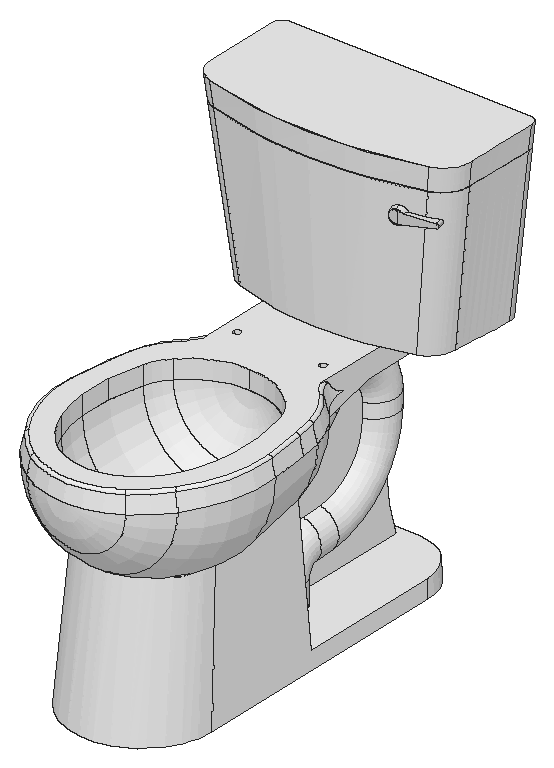
Revit family "Plumbing-Pressure-Assist-Water-Closet-Sloan-Valve-WETS-80298118z", category Plumbing Fixtures, host Face, Revit 2021
Family settings
  Host = Face
  Round Connector Dimension = Use Diameter
  Part Type = Normal
  OmniClass Number = 23.45.05.21.11.11
  OmniClass Title = Water Operated Water Closets
  Cut with Voids When Loaded = No
  Shared = No
  Room Calculation Point = No
Parameters (values of type "WETS-8029.8118-STG")
  Width = 18 1/4"  # constant formula
  Water Closet Code = "2178029"
  Valve Pressure Drop = 0.00 psi
  Tank Code = "2108118"
  Sanitary Drain Connector Description = "Sanitary Drain Connector d2 1/8\""
  Sanitary Drain Connection Diameter = 2 1/8"  # constant formula
  Real Distance to Wall [instance] = if(Distance to Wall < 3/4", 3/4", Distance to Wall)  # 3/4"
  Waste Connection = yes
  WFU = 10
  Vent Connection = yes
  URL = "www.sloanvalve.com"
  Product data url = "https://bimobject.com/sloan_valve/product/pressure-assist-water-closets_sloan_wets-80298118"
  Product Material = Sloan Valve - Vitreous China - SloanTec Glaze White
  Product Guid = ""
  Part Number = "WETS-8029.8118-STG"
  Model = "WETS-8029.8118-STG"
  Minimum Static Pressure = "20 PSI (138 kPa)"  # constant formula
  Maximum Static Pressure = "80 PSI (552 kPa)"  # constant formula
  Manufacturer = "Sloan Valve"  # constant formula
  Keynote = "15410"
  Height = 29 5/8"  # constant formula
  HWFU = 0
  HW Connection = yes
  Flush Rate = "0.75 gpf (2.84 Lpf)"
  Depth = 30 3/8"  # constant formula
  Cold Water Connector Description = "Cold Water Connector d1/2\""
  Cold Water Connection Diameter = 1/2"  # constant formula
  Edition number = 1
  Distance to Wall [instance] = 3/4"
  Description = "Floor-Mounted 0.75 gpf (2.84 Lpf) ADA 12\" Rough-in Pressure-Assisted/Tank Toilet with SloanTec® Glaze."
  Default Elevation = 0"
  CWFU = 10
  CW Connection = yes
  Assembly Code = "D2010"
  ADA Compliant [instance] = 1 = 1  # yes
Reference planes
  plane 1 "Center (Front/Back)": y = 0
  plane 2: z = 0
  plane 3 "Center (Left/Right)": x = 0
  plane 4: x = -201.612
  plane 5: x = 201.613
  plane 6: y = -762.786
  plane 7: y = -19.05
  plane 8: x = -201.612
  plane 9: x = 201.613
  plane 10: y = -762.786
  plane 11: y = -19.05
Forms (mm)
  Blend 1, solid, material "Sloan Valve - Vitreous China - SloanTec Glaze White" <- "Product Material"
    base sketch origin (0, 0, 38.1) x (1, 0, 0) y (0, 1, 0)
      loop
        arc (-34.925, -45.045) -> (-97.787, -71.084) -> (-123.825, -133.945) r 88.9
        line (-123.825, -133.945) -> (-123.825, -615.95)
        arc (-123.825, -615.95) -> (0, -739.775) -> (123.825, -615.95) r 123.825
        line (123.825, -615.95) -> (123.825, -133.945)
        arc (123.825, -133.945) -> (97.787, -71.084) -> (34.925, -45.045) r 88.9
        line (34.925, -45.045) -> (-34.925, -45.045)
    top sketch origin (0, 0, 38.1) x (1, 0, 0) y (0, 1, 0)
      loop
        arc (-109.537, -584.301) -> (0, -693.838) -> (109.537, -584.301) r 109.537
        line (109.537, -584.301) -> (109.537, -133.945)
        arc (109.537, -133.945) -> (83.499, -71.084) -> (20.637, -45.045) r 88.9
        line (20.637, -45.045) -> (-20.637, -45.045)
        arc (-20.637, -45.045) -> (-83.499, -71.084) -> (-109.537, -133.945) r 88.9
        line (-109.537, -133.945) -> (-109.537, -584.301)
    from -38.1 to 312.058
  Extrusion 2, solid, material "Sloan Valve - Vitreous China - SloanTec Glaze White" <- "Product Material"
    sketch origin (0, 0, 12.7) x (0, 1, 0) y (0, 0, 1)
      loop
        line (-369.05, 348.14) -> (-241.882, 379.846) -> (-70.211, 379.846) -> (-64.931, 440.2) -> (-185.947, 440.2)
        arc (-185.947, 440.2) -> (-192.127, 425.28) -> (-207.047, 419.1) r 21.1
        line (-207.047, 419.1) -> (-369.05, 419.1) -> (-369.05, 348.14)
    from -104.047 to 104.047
  Sweep 3, solid, material "Sloan Valve - Vitreous China - SloanTec Glaze White" <- "Product Material"
    path origin (0, 0, 38.1) x (0, 1, 0) y (0, 0, 1)
      loop
        line (-304.8, -38.1) -> (-304.8, 30.289)
        arc (-304.8, 30.289) -> (-293.174, 59.429) -> (-264.682, 72.564) r 42.333
        line (-264.682, 72.564) -> (-226.487, 74.566)
        arc (-226.487, 74.566) -> (-134.627, 116.914) -> (-97.145, 210.864) r 136.485
        line (-97.145, 210.864) -> (-97.145, 236.948)
        arc (-97.145, 236.948) -> (-144.28, 307.387) -> (-227.373, 290.682) r 76.2
        arc (-227.373, 290.682) -> (-233.15, 284.615) -> (-238.657, 278.301) r 192.236
        arc (-238.657, 278.301) -> (-334.604, 206.706) -> (-452.54, 186.145) r 257.901
    profile origin (0, -304.8, 34.195) x (0, -1, 0) y (1, 0, 0)
      loop
        circle (0, 0) r 38.1
  Extrusion 4, solid, material "Sloan Valve - Vitreous China - SloanTec Glaze White" <- "Product Material"
    sketch origin (22.443, 0, 38.1) x (0, 1, 0) y (0, 0, 1)
      loop
        line (-68.2, 389.4) -> (-235.377, 389.4) -> (-261.569, 382.87) -> (-496.95, 175.082) -> (-480.799, -9.525) -> (-58.189, -9.525)
        arc (-58.189, -9.525) -> (-82.15, 106.794) -> (-68.088, 224.72) r 370.607
        arc (-68.088, 224.72) -> (-59.936, 265.377) -> (-58.507, 306.818) r 254
        arc (-58.507, 306.818) -> (-61.916, 348.278) -> (-68.2, 389.4) r 598.021
    from -28.793 to -16.093
  Extrusion 5, solid, not visible
    sketch origin (0, 0, 0) x (1, 0, 0) y (0, 0, 1)
      loop
        circle (-152.4, 254) r 6.35
    from 0 to 0.794
  Blend 6, solid, material "Sloan Valve - Vitreous China - SloanTec Glaze White" <- "Product Material"
    base sketch origin (0, 0.822, 430.81) x (1, 0, 0) y (0, 1, 0)
      loop
        line (-196.16, -48.519) -> (-186.739, -156.202)
        arc (-186.739, -156.202) -> (-176.518, -182.59) -> (-153.766, -199.416) r 50.8
        arc (-153.766, -199.416) -> (0, -226.96) -> (153.766, -199.416) r 442.975
        arc (153.766, -199.416) -> (176.518, -182.59) -> (186.739, -156.202) r 50.8
        line (186.739, -156.202) -> (196.16, -48.519)
        arc (196.16, -48.519) -> (191.227, -33.989) -> (177.182, -27.809) r 19.05
        line (177.182, -27.809) -> (-177.182, -27.809)
        arc (-177.182, -27.809) -> (-191.227, -33.989) -> (-196.16, -48.519) r 19.05
    top sketch origin (0, 0.822, 430.81) x (1, 0, 0) y (0, 1, 0)
      loop
        arc (-212.725, -19.872) -> (-226.195, -25.451) -> (-231.775, -38.922) r 19.05
        line (-231.775, -38.922) -> (-231.775, -172.47)
        arc (-231.775, -172.47) -> (-221.507, -203.094) -> (-194.854, -221.338) r 50.8
        arc (-194.854, -221.338) -> (0, -248.472) -> (194.854, -221.338) r 713.209
        arc (194.854, -221.338) -> (221.507, -203.094) -> (231.775, -172.47) r 50.8
        line (231.775, -172.47) -> (231.775, -38.922)
        arc (231.775, -38.922) -> (226.195, -25.451) -> (212.725, -19.872) r 19.05
        line (212.725, -19.872) -> (-212.725, -19.872)
    from -37.11 to 321.665
  Revolve 7, solid, material "Sloan Valve - Vitreous China - SloanTec Glaze White" <- "Product Material"
    sketch origin (0, -107.509, 398.463) x (1, 0, 0) y (0, 1, 0)
      loop
        line (0, -683.066) -> (0, -633.619)
        arc (0, -633.619) -> (-54.455, -620.155) -> (-96.361, -582.866) r 116.854
        arc (-96.361, -582.866) -> (-108.844, -562.27) -> (-118.928, -540.399) r 213.603
        arc (-118.928, -540.399) -> (-129.044, -507.813) -> (-134.203, -474.085) r 228.843
        arc (-134.203, -474.085) -> (-133.643, -413.542) -> (-122.68, -353.997) r 350.763
        arc (-122.68, -353.997) -> (-114.097, -332.991) -> (-100.788, -314.61) r 95.25
        arc (-100.788, -314.61) -> (-55.004, -282.028) -> (0, -270.524) r 137.251
        line (0, -270.524) -> (0, -209.239)
        arc (0, -209.239) -> (-18.194, -209.694) -> (-36.342, -211.057) r 364.157
        arc (-36.342, -211.057) -> (-122.715, -249.087) -> (-170.133, -330.684) r 152.4
        arc (-170.133, -330.684) -> (-180.229, -386.679) -> (-186.583, -443.221) r 855.912
        arc (-186.583, -443.221) -> (-178.018, -528.288) -> (-140.189, -604.962) r 240.102
        arc (-140.189, -604.962) -> (-116.352, -632.223) -> (-88.426, -655.277) r 223.457
        arc (-88.426, -655.277) -> (-46.345, -675.956) -> (0, -683.066) r 154.581
      axis (0, -209.239) -> (0, -683.066)
    angle from 0 to 180
  Extrusion 8, solid, material "Sloan Valve - Vitreous China - SloanTec Glaze White" <- "Product Material"
    sketch origin (0, -122.297, 36.415) x (1, 0, 0) y (0, 0, 1)
      loop
        arc (57.698, 221.011) -> (0.981, 212.195) -> (-56.307, 215.748) r 266.082
        line (-56.307, 215.748) -> (-39.243, 151.174)
        arc (-39.243, 151.174) -> (0, 120.954) -> (39.243, 151.174) r 40.59
        line (39.243, 151.174) -> (57.698, 221.011)
    from 346.299 to 429.496
  Blend 9, solid, material "Sloan Valve - Vitreous China - SloanTec Glaze White" <- "Product Material"
    base sketch origin (0, -108.545, 413.2) x (1, 0, 0) y (0, 0, 1)
      loop
        line (25.325, -14.42) -> (-25.325, -14.42) -> (-25.325, -20.654)
        arc (-25.325, -20.654) -> (0, -45.979) -> (25.325, -20.654) r 25.325
        line (25.325, -20.654) -> (25.325, -14.42)
    top sketch origin (0, -108.545, 413.2) x (1, 0, 0) y (0, 0, 1)
      loop
        line (46.038, -14.42) -> (-46.037, -14.42) -> (-46.037, -23.887)
        arc (-46.037, -23.887) -> (0, -69.925) -> (46.038, -23.887) r 46.037
        line (46.038, -23.887) -> (46.038, -14.42)
    from 129.035 to 108.105
  Blend 10, solid, material "Sloan Valve - Vitreous China - SloanTec Glaze White" <- "Product Material"
    base sketch origin (0, -108.545, 413.2) x (1, 0, 0) y (0, 0, 1)
      loop
        line (46.038, -14.42) -> (-46.037, -14.42) -> (-46.037, -23.887)
        arc (-46.037, -23.887) -> (0, -69.925) -> (46.038, -23.887) r 46.037
        line (46.038, -23.887) -> (46.038, -14.42)
    top sketch origin (0, -108.545, 413.2) x (1, 0, 0) y (0, 0, 1)
      loop
        line (46.038, -14.42) -> (-46.037, -14.42) -> (-46.037, -43.731)
        arc (-46.037, -43.731) -> (0, -89.769) -> (46.038, -43.731) r 46.038
        line (46.038, -43.731) -> (46.038, -14.42)
    from 108.105 to 38.1
  Sweep 11, solid, material "Sloan Valve - Vitreous China - SloanTec Glaze White" <- "Product Material"
    path origin (0, -122.297, 38.1) x (0, 1, 0) y (0, 0, 1)
      loop
        arc (-352.549, 201.173) -> (-327.484, 201.16) -> (-302.744, 205.182) r 155.194
        arc (-302.744, 205.182) -> (-278.132, 217.142) -> (-260.549, 238.11) r 65.532
        arc (-260.549, 238.11) -> (-246.125, 268.805) -> (-234.718, 300.744) r 352.298
        arc (-234.718, 300.744) -> (-234.446, 301.431) -> (-234.066, 302.064) r 4.499
        arc (-234.066, 302.064) -> (-210.936, 321.963) -> (-181.277, 329.121) r 65.024
        line (-181.277, 329.121) -> (-115.283, 329.121)
    profile origin (0, -270.577, 367.221) x (0, 0, 1) y (1, 0, 0)
      loop
        line (25.325, -25.325) -> (25.325, 25.325)
        arc (25.325, 25.325) -> (0, 0) -> (25.325, -25.325) r 25.325
  Sweep 12, solid, material "Sloan Valve - Vitreous China - SloanTec Glaze White" <- "Product Material"
    path origin (0, 0, 38.1) x (1, 0, 0) y (0, 1, 0)
      loop
        line (-104.047, -185.947) -> (-104.047, -295.646)
        arc (-104.047, -295.646) -> (-111.251, -333.222) -> (-131.841, -365.47) r 101.6
        arc (-131.841, -365.47) -> (-155.982, -399.201) -> (-170.133, -438.192) r 152.4
        arc (-170.133, -438.192) -> (-174.125, -457.895) -> (-177.652, -477.686) r 855.912
        arc (-177.652, -477.686) -> (-182.903, -514.112) -> (-186.583, -550.729) r 855.912
        arc (-186.583, -550.729) -> (-178.018, -635.797) -> (-140.189, -712.47) r 240.102
        arc (-140.189, -712.47) -> (-116.352, -739.732) -> (-88.426, -762.786) r 223.457
        arc (-88.426, -762.786) -> (0, -790.575) -> (88.426, -762.786) r 154.581
        arc (88.426, -762.786) -> (116.352, -739.732) -> (140.189, -712.47) r 223.457
        arc (140.189, -712.47) -> (178.018, -635.797) -> (186.583, -550.729) r 240.102
        arc (186.583, -550.729) -> (182.903, -514.112) -> (177.652, -477.686) r 855.912
        arc (177.652, -477.686) -> (174.125, -457.895) -> (170.133, -438.192) r 855.912
        arc (170.133, -438.192) -> (155.982, -399.201) -> (131.841, -365.47) r 152.4
        arc (131.841, -365.47) -> (111.251, -333.222) -> (104.047, -295.646) r 101.6
        line (104.047, -295.646) -> (104.047, -185.947)
    profile origin (0, -790.575, 38.1) x (0, 1, 0) y (0, 0, 1)
      loop
        line (0, 360.362) -> (18.191, 360.362) -> (18.191, 393.7) -> (12.748, 393.7)
        arc (12.748, 393.7) -> (8.795, 392.32) -> (6.56, 388.778) r 6.35
        line (6.56, 388.778) -> (0, 360.362)
  Extrusion 13, void
    sketch origin (0, 0, 38.1) x (1, 0, 0) y (0, 1, 0)
      loop
        arc (118.928, -647.907) -> (129.044, -615.321) -> (134.203, -581.593) r 228.843
        arc (134.203, -581.593) -> (135.243, -552.98) -> (133.946, -524.377) r 350.763
        arc (133.946, -524.377) -> (129.747, -492.684) -> (122.68, -461.506) r 350.763
        arc (122.68, -461.506) -> (114.097, -440.499) -> (100.788, -422.119) r 95.25
        arc (100.788, -422.119) -> (55.004, -389.536) -> (0, -378.032) r 137.251
        arc (0, -378.032) -> (-55.004, -389.536) -> (-100.788, -422.119) r 137.251
        arc (-100.788, -422.119) -> (-114.097, -440.499) -> (-122.68, -461.506) r 95.25
        arc (-122.68, -461.506) -> (-129.747, -492.684) -> (-133.946, -524.377) r 350.763
        arc (-133.946, -524.377) -> (-135.243, -552.98) -> (-134.203, -581.593) r 350.763
        arc (-134.203, -581.593) -> (-129.044, -615.321) -> (-118.928, -647.907) r 228.843
        arc (-118.928, -647.907) -> (-108.844, -669.778) -> (-96.361, -690.375) r 213.603
        arc (-96.361, -690.375) -> (-54.455, -727.664) -> (0, -741.127) r 116.854
        arc (0, -741.127) -> (54.455, -727.664) -> (96.361, -690.375) r 116.854
        arc (96.361, -690.375) -> (108.844, -669.778) -> (118.928, -647.907) r 213.603
    from 360.362 to 393.7
  Extrusion 14, solid, material "Sloan Valve - Vitreous China - SloanTec Glaze White" <- "Product Material"
    sketch origin (0, 0, 38.1) x (1, 0, 0) y (0, 1, 0)
      loop
        arc (-168.448, -552.159) -> (-160.532, -630.781) -> (-125.569, -701.646) r 221.912
        arc (-125.569, -701.646) -> (-103.673, -726.688) -> (-78.02, -747.865) r 205.266
        arc (-78.02, -747.865) -> (0, -772.384) -> (78.02, -747.865) r 136.39
        arc (78.02, -747.865) -> (103.673, -726.688) -> (125.569, -701.646) r 205.266
        arc (125.569, -701.646) -> (160.532, -630.781) -> (168.448, -552.159) r 221.912
        arc (168.448, -552.159) -> (164.847, -516.319) -> (159.708, -480.668) r 837.721
        arc (159.708, -480.668) -> (156.255, -461.297) -> (152.348, -442.013) r 837.721
        arc (152.348, -442.013) -> (139.886, -407.676) -> (118.627, -377.971) r 134.209
        arc (118.627, -377.971) -> (110.867, -368.903) -> (104.047, -359.107) r 119.791
        line (104.047, -359.107) -> (104.047, -369.05) -> (-104.047, -369.05) -> (-104.047, -359.107)
        arc (-104.047, -359.107) -> (-110.867, -368.903) -> (-118.627, -377.971) r 119.791
        arc (-118.627, -377.971) -> (-139.886, -407.676) -> (-152.348, -442.013) r 134.209
        arc (-152.348, -442.013) -> (-156.255, -461.297) -> (-159.708, -480.668) r 837.721
        arc (-159.708, -480.668) -> (-164.847, -516.319) -> (-168.448, -552.159) r 837.721
    from 360.362 to 393.7
  Extrusion 15, void
    sketch origin (0, 0, 38.1) x (0, 1, 0) y (0, 0, 1)
      loop
        line (-419.1, 368.114) -> (-392.915, -6.35) -> (-10.202, -6.35) -> (-10.202, 368.114) -> (-419.1, 368.114)
    from -219.74 to 304.8
  Revolve 16, void
    sketch origin (0, -107.509, 398.463) x (1, 0, 0) y (0, 1, 0)
      loop
        line (0, -639.969) -> (0, -264.174)
        arc (0, -264.174) -> (-57.549, -276.21) -> (-105.451, -310.3) r 143.601
        arc (-105.451, -310.3) -> (-119.647, -329.906) -> (-128.802, -352.313) r 101.6
        arc (-128.802, -352.313) -> (-139.964, -412.935) -> (-140.534, -474.574) r 357.113
        arc (-140.534, -474.574) -> (-135.232, -509.238) -> (-124.835, -542.728) r 235.193
        arc (-124.835, -542.728) -> (-114.451, -565.249) -> (-101.598, -586.458) r 219.953
        arc (-101.598, -586.458) -> (-57.414, -625.773) -> (0, -639.969) r 123.204
      axis (0, -264.174) -> (0, -639.969)
    angle from 0 to 180
  Extrusion 17, void
    sketch origin (0, 0, 38.1) x (1, 0, 0) y (0, 1, 0)
      loop
        circle (-76.2, -307.975) r 6.35
      loop
        circle (76.2, -307.975) r 6.35
    from 341.312 to 499.954
  Extrusion 18, void
    sketch origin (0, 0, 31.75) x (1, 0, 0) y (0, 1, 0)
      loop
        arc (-212.725, -19.05) -> (-226.195, -24.63) -> (-231.775, -38.1) r 19.05
        line (-231.775, -38.1) -> (-231.775, -171.649)
        arc (-231.775, -171.649) -> (-221.507, -202.272) -> (-194.854, -220.516) r 50.8
        arc (-194.854, -220.516) -> (0, -247.65) -> (194.854, -220.516) r 713.209
        arc (194.854, -220.516) -> (221.507, -202.272) -> (231.775, -171.649) r 50.8
        line (231.775, -171.649) -> (231.775, -38.1)
        arc (231.775, -38.1) -> (226.195, -24.63) -> (212.725, -19.05) r 19.05
        line (212.725, -19.05) -> (-212.725, -19.05)
      loop
        line (-225.425, -38.1) -> (-225.425, -171.649)
        arc (-225.425, -171.649) -> (-216.441, -198.444) -> (-193.119, -214.408) r 44.45
        arc (-193.119, -214.408) -> (0, -241.3) -> (193.119, -214.408) r 706.859
        arc (193.119, -214.408) -> (216.441, -198.444) -> (225.425, -171.649) r 44.45
        line (225.425, -171.649) -> (225.425, -38.1)
        arc (225.425, -38.1) -> (221.705, -29.12) -> (212.725, -25.4) r 12.7
        line (212.725, -25.4) -> (-212.725, -25.4)
        arc (-212.725, -25.4) -> (-221.705, -29.12) -> (-225.425, -38.1) r 12.7
    from 678.093 to 679.681
  Extrusion 19, solid, material "Sloan Valve - Finish - Polished Chrome"
    sketch origin (20.292, -269.587, 924.407) x (0.97881, 0.203994, 0.017847) y (0, -0.087156, 0.996195)
      loop
        line (127, -257.261) -> (127, -277.149) -> (188.955, -269.542)
        arc (188.955, -269.542) -> (192.467, -265.466) -> (188.747, -261.579) r 4.001
        line (188.747, -261.579) -> (127, -257.261)
    from 0 to 12.7
  Revolve 20, solid, material "Sloan Valve - Finish - Polished Chrome"
    sketch origin (369.854, -1316.287, 832.833) x (0.204773, -0.975085, -0.085309) y (0, -0.087156, 0.996195)
      loop
        line (-1100.014, -265.639) -> (-1100.014, -282.465) -> (-1087.756, -278.482) -> (-1087.314, -277.803) -> (-1087.314, -265.639) -> (-1100.014, -265.639)
      axis (-1100.014, -265.639) -> (-1087.314, -265.639)
    angle from 0 to 360
  Extrusion 21, void
    sketch origin (0, 0, 0) x (0, 1, 0) y (0, 0, 1)
      loop
        line (-241.3, 431.8) -> (-241.3, 385.679) -> (-19.05, 385.679) -> (-19.05, 431.8) -> (-241.3, 431.8)
    from -213.149 to 213.438
  Blend 22, solid, material "Sloan Valve - Vitreous China - SloanTec Glaze White" <- "Product Material", not visible
    base sketch origin (0, 0, 38.1) x (1, 0, 0) y (0, 1, 0)
      loop
        arc (-34.925, -45.045) -> (-97.787, -71.084) -> (-123.825, -133.945) r 88.9
        line (-123.825, -133.945) -> (-123.825, -615.95)
        arc (-123.825, -615.95) -> (0, -739.775) -> (123.825, -615.95) r 123.825
        line (123.825, -615.95) -> (123.825, -133.945)
        arc (123.825, -133.945) -> (97.787, -71.084) -> (34.925, -45.045) r 88.9
        line (34.925, -45.045) -> (-34.925, -45.045)
    top sketch origin (0, 0, 38.1) x (1, 0, 0) y (0, 1, 0)
      loop
        arc (-109.537, -584.301) -> (0, -693.838) -> (109.537, -584.301) r 109.537
        line (109.537, -584.301) -> (109.537, -133.945)
        arc (109.537, -133.945) -> (83.499, -71.084) -> (20.637, -45.045) r 88.9
        line (20.637, -45.045) -> (-20.637, -45.045)
        arc (-20.637, -45.045) -> (-83.499, -71.084) -> (-109.537, -133.945) r 88.9
        line (-109.537, -133.945) -> (-109.537, -584.301)
    from -38.1 to 312.058
  Extrusion 23, solid, material "Sloan Valve - Vitreous China - SloanTec Glaze White" <- "Product Material", not visible
    sketch origin (0, 0, 12.7) x (0, 1, 0) y (0, 0, 1)
      loop
        line (-369.05, 348.14) -> (-241.882, 379.846) -> (-70.211, 379.846) -> (-64.931, 440.2) -> (-185.947, 440.2)
        arc (-185.947, 440.2) -> (-192.127, 425.28) -> (-207.047, 419.1) r 21.1
        line (-207.047, 419.1) -> (-369.05, 419.1) -> (-369.05, 348.14)
    from -104.047 to 104.047
  Sweep 24, solid, material "Sloan Valve - Vitreous China - SloanTec Glaze White" <- "Product Material", not visible
    path origin (0, 0, 38.1) x (0, 1, 0) y (0, 0, 1)
      loop
        line (-304.8, -38.1) -> (-304.8, 30.289)
        arc (-304.8, 30.289) -> (-293.174, 59.429) -> (-264.682, 72.564) r 42.333
        line (-264.682, 72.564) -> (-226.487, 74.566)
        arc (-226.487, 74.566) -> (-134.627, 116.914) -> (-97.145, 210.864) r 136.485
        line (-97.145, 210.864) -> (-97.145, 236.948)
        arc (-97.145, 236.948) -> (-144.28, 307.387) -> (-227.373, 290.682) r 76.2
        arc (-227.373, 290.682) -> (-233.15, 284.615) -> (-238.657, 278.301) r 192.236
        arc (-238.657, 278.301) -> (-334.604, 206.706) -> (-452.54, 186.145) r 257.901
    profile origin (0, -304.8, 34.195) x (0, -1, 0) y (1, 0, 0)
      loop
        circle (0, 0) r 38.1
  Extrusion 25, solid, material "Sloan Valve - Vitreous China - SloanTec Glaze White" <- "Product Material", not visible
    sketch origin (22.443, 0, 38.1) x (0, 1, 0) y (0, 0, 1)
      loop
        line (-68.2, 389.4) -> (-235.377, 389.4) -> (-261.569, 382.87) -> (-496.95, 175.082) -> (-480.799, -9.525) -> (-58.189, -9.525)
        arc (-58.189, -9.525) -> (-82.15, 106.794) -> (-68.088, 224.72) r 370.607
        arc (-68.088, 224.72) -> (-59.936, 265.377) -> (-58.507, 306.818) r 254
        arc (-58.507, 306.818) -> (-61.916, 348.278) -> (-68.2, 389.4) r 598.021
    from -28.793 to -16.093
  Blend 26, solid, material "Sloan Valve - Vitreous China - SloanTec Glaze White" <- "Product Material", not visible
    base sketch origin (0, 0.822, 430.81) x (1, 0, 0) y (0, 1, 0)
      loop
        line (-196.16, -48.519) -> (-186.739, -156.202)
        arc (-186.739, -156.202) -> (-176.518, -182.59) -> (-153.766, -199.416) r 50.8
        arc (-153.766, -199.416) -> (0, -226.96) -> (153.766, -199.416) r 442.975
        arc (153.766, -199.416) -> (176.518, -182.59) -> (186.739, -156.202) r 50.8
        line (186.739, -156.202) -> (196.16, -48.519)
        arc (196.16, -48.519) -> (191.227, -33.989) -> (177.182, -27.809) r 19.05
        line (177.182, -27.809) -> (-177.182, -27.809)
        arc (-177.182, -27.809) -> (-191.227, -33.989) -> (-196.16, -48.519) r 19.05
    top sketch origin (0, 0.822, 430.81) x (1, 0, 0) y (0, 1, 0)
      loop
        arc (-212.725, -19.872) -> (-226.195, -25.451) -> (-231.775, -38.922) r 19.05
        line (-231.775, -38.922) -> (-231.775, -172.47)
        arc (-231.775, -172.47) -> (-221.507, -203.094) -> (-194.854, -221.338) r 50.8
        arc (-194.854, -221.338) -> (0, -248.472) -> (194.854, -221.338) r 713.209
        arc (194.854, -221.338) -> (221.507, -203.094) -> (231.775, -172.47) r 50.8
        line (231.775, -172.47) -> (231.775, -38.922)
        arc (231.775, -38.922) -> (226.195, -25.451) -> (212.725, -19.872) r 19.05
        line (212.725, -19.872) -> (-212.725, -19.872)
    from -37.11 to 321.665
  Revolve 27, solid, material "Sloan Valve - Vitreous China - SloanTec Glaze White" <- "Product Material", not visible
    sketch origin (0, -107.509, 398.463) x (1, 0, 0) y (0, 1, 0)
      loop
        line (0, -683.066) -> (0, -633.619)
        arc (0, -633.619) -> (-54.455, -620.155) -> (-96.361, -582.866) r 116.854
        arc (-96.361, -582.866) -> (-108.844, -562.27) -> (-118.928, -540.399) r 213.603
        arc (-118.928, -540.399) -> (-129.044, -507.813) -> (-134.203, -474.085) r 228.843
        arc (-134.203, -474.085) -> (-133.643, -413.542) -> (-122.68, -353.997) r 350.763
        arc (-122.68, -353.997) -> (-114.097, -332.991) -> (-100.788, -314.61) r 95.25
        arc (-100.788, -314.61) -> (-55.004, -282.028) -> (0, -270.524) r 137.251
        line (0, -270.524) -> (0, -209.239)
        arc (0, -209.239) -> (-18.194, -209.694) -> (-36.342, -211.057) r 364.157
        arc (-36.342, -211.057) -> (-122.715, -249.087) -> (-170.133, -330.684) r 152.4
        arc (-170.133, -330.684) -> (-180.229, -386.679) -> (-186.583, -443.221) r 855.912
        arc (-186.583, -443.221) -> (-178.018, -528.288) -> (-140.189, -604.962) r 240.102
        arc (-140.189, -604.962) -> (-116.352, -632.223) -> (-88.426, -655.277) r 223.457
        arc (-88.426, -655.277) -> (-46.345, -675.956) -> (0, -683.066) r 154.581
      axis (0, -209.239) -> (0, -683.066)
    angle from 0 to 180
  Extrusion 28, solid, material "Sloan Valve - Vitreous China - SloanTec Glaze White" <- "Product Material", not visible
    sketch origin (0, -122.297, 36.415) x (1, 0, 0) y (0, 0, 1)
      loop
        arc (57.698, 221.011) -> (0.981, 212.195) -> (-56.307, 215.748) r 266.082
        line (-56.307, 215.748) -> (-39.243, 151.174)
        arc (-39.243, 151.174) -> (0, 120.954) -> (39.243, 151.174) r 40.59
        line (39.243, 151.174) -> (57.698, 221.011)
    from 346.299 to 429.496
  Blend 29, solid, material "Sloan Valve - Vitreous China - SloanTec Glaze White" <- "Product Material", not visible
    base sketch origin (0, -108.545, 413.2) x (1, 0, 0) y (0, 0, 1)
      loop
        line (25.325, -14.42) -> (-25.325, -14.42) -> (-25.325, -20.654)
        arc (-25.325, -20.654) -> (0, -45.979) -> (25.325, -20.654) r 25.325
        line (25.325, -20.654) -> (25.325, -14.42)
    top sketch origin (0, -108.545, 413.2) x (1, 0, 0) y (0, 0, 1)
      loop
        line (46.038, -14.42) -> (-46.037, -14.42) -> (-46.037, -23.887)
        arc (-46.037, -23.887) -> (0, -69.925) -> (46.038, -23.887) r 46.037
        line (46.038, -23.887) -> (46.038, -14.42)
    from 129.035 to 108.105
  Blend 30, solid, material "Sloan Valve - Vitreous China - SloanTec Glaze White" <- "Product Material", not visible
    base sketch origin (0, -108.545, 413.2) x (1, 0, 0) y (0, 0, 1)
      loop
        line (46.038, -14.42) -> (-46.037, -14.42) -> (-46.037, -23.887)
        arc (-46.037, -23.887) -> (0, -69.925) -> (46.038, -23.887) r 46.037
        line (46.038, -23.887) -> (46.038, -14.42)
    top sketch origin (0, -108.545, 413.2) x (1, 0, 0) y (0, 0, 1)
      loop
        line (46.038, -14.42) -> (-46.037, -14.42) -> (-46.037, -43.731)
        arc (-46.037, -43.731) -> (0, -89.769) -> (46.038, -43.731) r 46.038
        line (46.038, -43.731) -> (46.038, -14.42)
    from 108.105 to 38.1
  Sweep 31, solid, material "Sloan Valve - Vitreous China - SloanTec Glaze White" <- "Product Material", not visible
    path origin (0, -122.297, 38.1) x (0, 1, 0) y (0, 0, 1)
      loop
        arc (-352.549, 201.173) -> (-327.484, 201.16) -> (-302.744, 205.182) r 155.194
        arc (-302.744, 205.182) -> (-278.132, 217.142) -> (-260.549, 238.11) r 65.532
        arc (-260.549, 238.11) -> (-246.125, 268.805) -> (-234.718, 300.744) r 352.298
        arc (-234.718, 300.744) -> (-234.446, 301.431) -> (-234.066, 302.064) r 4.499
        arc (-234.066, 302.064) -> (-210.936, 321.963) -> (-181.277, 329.121) r 65.024
        line (-181.277, 329.121) -> (-115.283, 329.121)
    profile origin (0, -270.577, 367.221) x (0, 0, 1) y (1, 0, 0)
      loop
        line (25.325, -25.325) -> (25.325, 25.325)
        arc (25.325, 25.325) -> (0, 0) -> (25.325, -25.325) r 25.325
  Sweep 32, solid, material "Sloan Valve - Vitreous China - SloanTec Glaze White" <- "Product Material", not visible
    path origin (0, 0, 38.1) x (1, 0, 0) y (0, 1, 0)
      loop
        line (-104.047, -185.947) -> (-104.047, -295.646)
        arc (-104.047, -295.646) -> (-111.251, -333.222) -> (-131.841, -365.47) r 101.6
        arc (-131.841, -365.47) -> (-155.982, -399.201) -> (-170.133, -438.192) r 152.4
        arc (-170.133, -438.192) -> (-174.125, -457.895) -> (-177.652, -477.686) r 855.912
        arc (-177.652, -477.686) -> (-182.903, -514.112) -> (-186.583, -550.729) r 855.912
        arc (-186.583, -550.729) -> (-178.018, -635.797) -> (-140.189, -712.47) r 240.102
        arc (-140.189, -712.47) -> (-116.352, -739.732) -> (-88.426, -762.786) r 223.457
        arc (-88.426, -762.786) -> (0, -790.575) -> (88.426, -762.786) r 154.581
        arc (88.426, -762.786) -> (116.352, -739.732) -> (140.189, -712.47) r 223.457
        arc (140.189, -712.47) -> (178.018, -635.797) -> (186.583, -550.729) r 240.102
        arc (186.583, -550.729) -> (182.903, -514.112) -> (177.652, -477.686) r 855.912
        arc (177.652, -477.686) -> (174.125, -457.895) -> (170.133, -438.192) r 855.912
        arc (170.133, -438.192) -> (155.982, -399.201) -> (131.841, -365.47) r 152.4
        arc (131.841, -365.47) -> (111.251, -333.222) -> (104.047, -295.646) r 101.6
        line (104.047, -295.646) -> (104.047, -185.947)
    profile origin (0, -790.575, 38.1) x (0, 1, 0) y (0, 0, 1)
      loop
        line (0, 360.362) -> (18.191, 360.362) -> (18.191, 393.7) -> (12.748, 393.7)
        arc (12.748, 393.7) -> (8.795, 392.32) -> (6.56, 388.778) r 6.35
        line (6.56, 388.778) -> (0, 360.362)
  Extrusion 33, void, not visible
    sketch origin (0, 0, 38.1) x (1, 0, 0) y (0, 1, 0)
      loop
        arc (118.928, -647.907) -> (129.044, -615.321) -> (134.203, -581.593) r 228.843
        arc (134.203, -581.593) -> (135.243, -552.98) -> (133.946, -524.377) r 350.763
        arc (133.946, -524.377) -> (129.747, -492.684) -> (122.68, -461.506) r 350.763
        arc (122.68, -461.506) -> (114.097, -440.499) -> (100.788, -422.119) r 95.25
        arc (100.788, -422.119) -> (55.004, -389.536) -> (0, -378.032) r 137.251
        arc (0, -378.032) -> (-55.004, -389.536) -> (-100.788, -422.119) r 137.251
        arc (-100.788, -422.119) -> (-114.097, -440.499) -> (-122.68, -461.506) r 95.25
        arc (-122.68, -461.506) -> (-129.747, -492.684) -> (-133.946, -524.377) r 350.763
        arc (-133.946, -524.377) -> (-135.243, -552.98) -> (-134.203, -581.593) r 350.763
        arc (-134.203, -581.593) -> (-129.044, -615.321) -> (-118.928, -647.907) r 228.843
        arc (-118.928, -647.907) -> (-108.844, -669.778) -> (-96.361, -690.375) r 213.603
        arc (-96.361, -690.375) -> (-54.455, -727.664) -> (0, -741.127) r 116.854
        arc (0, -741.127) -> (54.455, -727.664) -> (96.361, -690.375) r 116.854
        arc (96.361, -690.375) -> (108.844, -669.778) -> (118.928, -647.907) r 213.603
    from 360.362 to 393.7
  Extrusion 34, solid, material "Sloan Valve - Vitreous China - SloanTec Glaze White" <- "Product Material", not visible
    sketch origin (0, 0, 38.1) x (1, 0, 0) y (0, 1, 0)
      loop
        arc (-168.448, -552.159) -> (-160.532, -630.781) -> (-125.569, -701.646) r 221.912
        arc (-125.569, -701.646) -> (-103.673, -726.688) -> (-78.02, -747.865) r 205.266
        arc (-78.02, -747.865) -> (0, -772.384) -> (78.02, -747.865) r 136.39
        arc (78.02, -747.865) -> (103.673, -726.688) -> (125.569, -701.646) r 205.266
        arc (125.569, -701.646) -> (160.532, -630.781) -> (168.448, -552.159) r 221.912
        arc (168.448, -552.159) -> (164.847, -516.319) -> (159.708, -480.668) r 837.721
        arc (159.708, -480.668) -> (156.255, -461.297) -> (152.348, -442.013) r 837.721
        arc (152.348, -442.013) -> (139.886, -407.676) -> (118.627, -377.971) r 134.209
        arc (118.627, -377.971) -> (110.867, -368.903) -> (104.047, -359.107) r 119.791
        line (104.047, -359.107) -> (104.047, -369.05) -> (-104.047, -369.05) -> (-104.047, -359.107)
        arc (-104.047, -359.107) -> (-110.867, -368.903) -> (-118.627, -377.971) r 119.791
        arc (-118.627, -377.971) -> (-139.886, -407.676) -> (-152.348, -442.013) r 134.209
        arc (-152.348, -442.013) -> (-156.255, -461.297) -> (-159.708, -480.668) r 837.721
        arc (-159.708, -480.668) -> (-164.847, -516.319) -> (-168.448, -552.159) r 837.721
    from 360.362 to 393.7
  Extrusion 35, void, not visible
    sketch origin (0, 0, 38.1) x (0, 1, 0) y (0, 0, 1)
      loop
        line (-419.1, 368.114) -> (-392.915, -6.35) -> (-10.202, -6.35) -> (-10.202, 368.114) -> (-419.1, 368.114)
    from -219.74 to 304.8
  Revolve 36, void, not visible
    sketch origin (0, -107.509, 398.463) x (1, 0, 0) y (0, 1, 0)
      loop
        line (0, -639.969) -> (0, -264.174)
        arc (0, -264.174) -> (-57.549, -276.21) -> (-105.451, -310.3) r 143.601
        arc (-105.451, -310.3) -> (-119.647, -329.906) -> (-128.802, -352.313) r 101.6
        arc (-128.802, -352.313) -> (-139.964, -412.935) -> (-140.534, -474.574) r 357.113
        arc (-140.534, -474.574) -> (-135.232, -509.238) -> (-124.835, -542.728) r 235.193
        arc (-124.835, -542.728) -> (-114.451, -565.249) -> (-101.598, -586.458) r 219.953
        arc (-101.598, -586.458) -> (-57.414, -625.773) -> (0, -639.969) r 123.204
      axis (0, -264.174) -> (0, -639.969)
    angle from 0 to 180
  Extrusion 37, void, not visible
    sketch origin (0, 0, 38.1) x (1, 0, 0) y (0, 1, 0)
      loop
        circle (-76.2, -307.975) r 6.35
      loop
        circle (76.2, -307.975) r 6.35
    from 341.312 to 499.954
  Extrusion 38, void, not visible
    sketch origin (0, 0, 31.75) x (1, 0, 0) y (0, 1, 0)
      loop
        arc (-212.725, -19.05) -> (-226.195, -24.63) -> (-231.775, -38.1) r 19.05
        line (-231.775, -38.1) -> (-231.775, -171.649)
        arc (-231.775, -171.649) -> (-221.507, -202.272) -> (-194.854, -220.516) r 50.8
        arc (-194.854, -220.516) -> (0, -247.65) -> (194.854, -220.516) r 713.209
        arc (194.854, -220.516) -> (221.507, -202.272) -> (231.775, -171.649) r 50.8
        line (231.775, -171.649) -> (231.775, -38.1)
        arc (231.775, -38.1) -> (226.195, -24.63) -> (212.725, -19.05) r 19.05
        line (212.725, -19.05) -> (-212.725, -19.05)
      loop
        line (-225.425, -38.1) -> (-225.425, -171.649)
        arc (-225.425, -171.649) -> (-216.441, -198.444) -> (-193.119, -214.408) r 44.45
        arc (-193.119, -214.408) -> (0, -241.3) -> (193.119, -214.408) r 706.859
        arc (193.119, -214.408) -> (216.441, -198.444) -> (225.425, -171.649) r 44.45
        line (225.425, -171.649) -> (225.425, -38.1)
        arc (225.425, -38.1) -> (221.705, -29.12) -> (212.725, -25.4) r 12.7
        line (212.725, -25.4) -> (-212.725, -25.4)
        arc (-212.725, -25.4) -> (-221.705, -29.12) -> (-225.425, -38.1) r 12.7
    from 678.093 to 679.681
  Extrusion 39, solid, material "Sloan Valve - Finish - Polished Chrome", not visible
    sketch origin (20.292, -269.587, 924.407) x (0.97881, 0.203994, 0.017847) y (0, -0.087156, 0.996195)
      loop
        line (127, -257.261) -> (127, -277.149) -> (188.955, -269.542)
        arc (188.955, -269.542) -> (192.467, -265.466) -> (188.747, -261.579) r 4.001
        line (188.747, -261.579) -> (127, -257.261)
    from 0 to 12.7
  Revolve 40, solid, material "Sloan Valve - Finish - Polished Chrome", not visible
    sketch origin (369.854, -1316.287, 832.833) x (0.204773, -0.975085, -0.085309) y (0, -0.087156, 0.996195)
      loop
        line (-1100.014, -265.639) -> (-1100.014, -282.465) -> (-1087.756, -278.482) -> (-1087.314, -277.803) -> (-1087.314, -265.639) -> (-1100.014, -265.639)
      axis (-1100.014, -265.639) -> (-1087.314, -265.639)
    angle from 0 to 360
  Extrusion 41, void, not visible
    sketch origin (0, 0, 0) x (0, 1, 0) y (0, 0, 1)
      loop
        line (-241.3, 431.8) -> (-241.3, 385.679) -> (-19.05, 385.679) -> (-19.05, 431.8) -> (-241.3, 431.8)
    from -213.149 to 213.438
Cuts and joins
  Extrusion 18, Extrusion 21 cuts Blend 6
  Extrusion 17 cuts Extrusion 2
  Extrusion 13 cuts Extrusion 14
  joined: Extrusion 2, Sweep 12, Extrusion 14
  Extrusion 15, Revolve 16 cuts Blend 1
  joined: Extrusion 19, Revolve 20
Lines and regions (mm)
  Masking region 1
    outline origin (0, 0, 0) x (1, 0, 0) y (0, 1, 0)
      loop
        line (212.725, -19.05) -> (-212.725, -19.05)
        arc (-212.725, -19.05) -> (-226.195, -24.63) -> (-231.775, -38.1) r 19.05
        line (-231.775, -38.1) -> (-231.775, -171.649)
        arc (-231.775, -171.649) -> (-221.507, -202.272) -> (-194.854, -220.516) r 50.8
        arc (-194.854, -220.516) -> (-159.548, -229.575) -> (-123.825, -236.819) r 713.209
        line (-123.825, -236.819) -> (-123.825, -355.877)
        arc (-123.825, -355.877) -> (-127.686, -360.797) -> (-131.841, -365.47) r 101.6
        arc (-131.841, -365.47) -> (-155.982, -399.201) -> (-170.133, -438.192) r 152.4
        arc (-170.133, -438.192) -> (-174.125, -457.895) -> (-177.652, -477.686) r 855.912
        arc (-177.652, -477.686) -> (-182.903, -514.112) -> (-186.583, -550.729) r 855.912
        arc (-186.583, -550.729) -> (-178.018, -635.797) -> (-140.189, -712.47) r 240.102
        arc (-140.189, -712.47) -> (-116.352, -739.732) -> (-88.426, -762.786) r 223.457
        arc (-88.426, -762.786) -> (0, -790.575) -> (88.426, -762.786) r 154.581
        arc (88.426, -762.786) -> (116.352, -739.732) -> (140.189, -712.47) r 223.457
        arc (140.189, -712.47) -> (178.018, -635.797) -> (186.583, -550.729) r 240.102
        arc (186.583, -550.729) -> (182.903, -514.112) -> (177.652, -477.686) r 855.912
        arc (177.652, -477.686) -> (174.125, -457.895) -> (170.133, -438.192) r 855.912
        arc (170.133, -438.192) -> (155.982, -399.201) -> (131.841, -365.47) r 152.4
        arc (131.841, -365.47) -> (127.686, -360.797) -> (123.825, -355.877) r 101.6
        line (123.825, -355.877) -> (123.825, -236.819)
        arc (123.825, -236.819) -> (159.548, -229.575) -> (194.854, -220.516) r 713.209
        arc (194.854, -220.516) -> (221.507, -202.272) -> (231.775, -171.649) r 50.8
        line (231.775, -171.649) -> (231.775, -38.1)
        arc (231.775, -38.1) -> (226.195, -24.63) -> (212.725, -19.05) r 19.05
  Masking region 2, not visible
    outline origin (0, 0, 0) x (1, 0, 0) y (0, 1, 0)
      loop
        line (212.725, -19.05) -> (-212.725, -19.05)
        arc (-212.725, -19.05) -> (-226.195, -24.63) -> (-231.775, -38.1) r 19.05
        line (-231.775, -38.1) -> (-231.775, -171.649)
        arc (-231.775, -171.649) -> (-221.507, -202.272) -> (-194.854, -220.516) r 50.8
        arc (-194.854, -220.516) -> (-159.548, -229.575) -> (-123.825, -236.819) r 713.209
        line (-123.825, -236.819) -> (-123.825, -355.877)
        arc (-123.825, -355.877) -> (-127.686, -360.797) -> (-131.841, -365.47) r 101.6
        arc (-131.841, -365.47) -> (-155.982, -399.201) -> (-170.133, -438.192) r 152.4
        arc (-170.133, -438.192) -> (-174.125, -457.895) -> (-177.652, -477.686) r 855.912
        arc (-177.652, -477.686) -> (-182.903, -514.112) -> (-186.583, -550.729) r 855.912
        arc (-186.583, -550.729) -> (-178.018, -635.797) -> (-140.189, -712.47) r 240.102
        arc (-140.189, -712.47) -> (-116.352, -739.732) -> (-88.426, -762.786) r 223.457
        arc (-88.426, -762.786) -> (0, -790.575) -> (88.426, -762.786) r 154.581
        arc (88.426, -762.786) -> (116.352, -739.732) -> (140.189, -712.47) r 223.457
        arc (140.189, -712.47) -> (178.018, -635.797) -> (186.583, -550.729) r 240.102
        arc (186.583, -550.729) -> (182.903, -514.112) -> (177.652, -477.686) r 855.912
        arc (177.652, -477.686) -> (174.125, -457.895) -> (170.133, -438.192) r 855.912
        arc (170.133, -438.192) -> (155.982, -399.201) -> (131.841, -365.47) r 152.4
        arc (131.841, -365.47) -> (127.686, -360.797) -> (123.825, -355.877) r 101.6
        line (123.825, -355.877) -> (123.825, -236.819)
        arc (123.825, -236.819) -> (159.548, -229.575) -> (194.854, -220.516) r 713.209
        arc (194.854, -220.516) -> (221.507, -202.272) -> (231.775, -171.649) r 50.8
        line (231.775, -171.649) -> (231.775, -38.1)
        arc (231.775, -38.1) -> (226.195, -24.63) -> (212.725, -19.05) r 19.05
  symbolic lines, detail levels medium+fine
    curve 1: arc (-123.825, -236.819, 0) -> (0, -247.65, 0) -> (123.825, -236.819, 0) r 713.209
  symbolic lines, detail levels fine
    curve 2: arc (-100.788, -422.119, 0) -> (-55.004, -389.536, 0) -> (0, -378.032, 0) r 137.251
    curve 3: arc (0, -378.032, 0) -> (55.004, -389.536, 0) -> (100.788, -422.119, 0) r 137.251
    curve 4: arc (100.788, -422.119, 0) -> (114.097, -440.499, 0) -> (122.68, -461.506, 0) r 95.25
    curve 5: arc (122.68, -461.506, 0) -> (129.747, -492.684, 0) -> (133.946, -524.377, 0) r 350.763
    curve 6: arc (133.946, -524.377, 0) -> (135.243, -552.98, 0) -> (134.203, -581.593, 0) r 350.763
    curve 7: arc (134.203, -581.593, 0) -> (129.044, -615.321, 0) -> (118.928, -647.907, 0) r 228.843
    curve 8: arc (118.928, -647.907, 0) -> (108.844, -669.778, 0) -> (96.361, -690.375, 0) r 213.603
    curve 9: arc (96.361, -690.375, 0) -> (54.455, -727.664, 0) -> (0, -741.127, 0) r 116.854
    curve 10: arc (0, -741.127, 0) -> (-54.455, -727.664, 0) -> (-96.361, -690.375, 0) r 116.854
    curve 11: arc (-96.361, -690.375, 0) -> (-108.844, -669.778, 0) -> (-118.928, -647.907, 0) r 213.603
    curve 12: arc (-118.928, -647.907, 0) -> (-129.044, -615.321, 0) -> (-134.203, -581.593, 0) r 228.843
    curve 13: arc (-134.203, -581.593, 0) -> (-135.243, -552.98, 0) -> (-133.946, -524.377, 0) r 350.763
    curve 14: arc (-133.946, -524.377, 0) -> (-129.747, -492.684, 0) -> (-122.68, -461.506, 0) r 350.763
    curve 15: arc (-122.68, -461.506, 0) -> (-114.097, -440.499, 0) -> (-100.788, -422.119, 0) r 95.25
    curve 16: circle (-76.2, -307.975, 0) r 6.35 normal (0, 0, 1)
    curve 17: circle (76.2, -307.975, 0) r 6.35 normal (0, 0, 1)
  symbolic lines, not visible, detail levels medium+fine
    curve 18: arc (-123.825, -236.819, 0) -> (0, -247.65, 0) -> (123.825, -236.819, 0) r 713.209
  symbolic lines, not visible, detail levels fine
    curve 19: arc (-100.788, -422.119, 0) -> (-55.004, -389.536, 0) -> (0, -378.032, 0) r 137.251
    curve 20: arc (0, -378.032, 0) -> (55.004, -389.536, 0) -> (100.788, -422.119, 0) r 137.251
    curve 21: arc (100.788, -422.119, 0) -> (114.097, -440.499, 0) -> (122.68, -461.506, 0) r 95.25
    curve 22: arc (122.68, -461.506, 0) -> (129.747, -492.684, 0) -> (133.946, -524.377, 0) r 350.763
    curve 23: arc (133.946, -524.377, 0) -> (135.243, -552.98, 0) -> (134.203, -581.593, 0) r 350.763
    curve 24: arc (134.203, -581.593, 0) -> (129.044, -615.321, 0) -> (118.928, -647.907, 0) r 228.843
    curve 25: arc (118.928, -647.907, 0) -> (108.844, -669.778, 0) -> (96.361, -690.375, 0) r 213.603
    curve 26: arc (96.361, -690.375, 0) -> (54.455, -727.664, 0) -> (0, -741.127, 0) r 116.854
    curve 27: arc (0, -741.127, 0) -> (-54.455, -727.664, 0) -> (-96.361, -690.375, 0) r 116.854
    curve 28: arc (-96.361, -690.375, 0) -> (-108.844, -669.778, 0) -> (-118.928, -647.907, 0) r 213.603
    curve 29: arc (-118.928, -647.907, 0) -> (-129.044, -615.321, 0) -> (-134.203, -581.593, 0) r 228.843
    curve 30: arc (-134.203, -581.593, 0) -> (-135.243, -552.98, 0) -> (-133.946, -524.377, 0) r 350.763
    curve 31: arc (-133.946, -524.377, 0) -> (-129.747, -492.684, 0) -> (-122.68, -461.506, 0) r 350.763
    curve 32: arc (-122.68, -461.506, 0) -> (-114.097, -440.499, 0) -> (-100.788, -422.119, 0) r 95.25
    curve 33: circle (-76.2, -307.975, 0) r 6.35 normal (0, 0, 1)
    curve 34: circle (76.2, -307.975, 0) r 6.35 normal (0, 0, 1)
Dimensions and locks
  "Real Distance to Wall": plane 1 "Center (Front/Back)" to plane 7
  aligned and locked: plane 2 to host face
  aligned and locked: level to host face
  aligned and locked: Masking region 1 to plane 7
Automatic sketch dimensions
  host sketch curve to host sketch curve = 96"  (x2)
  plane 7 to Blend 1 sketch curve = 23 1/2"
  Blend 1 sketch curve to Blend 1 sketch curve = 3 1/2"  (x2)
  Blend 1 sketch curve to Blend 1 sketch curve = 4 7/8"
  Blend 1 sketch curve to Blend 1 sketch curve = 2 3/4"
  plane 7 to Blend 1 sketch curve = 4 67/128"
  plane 7 to Blend 1 sketch curve = 22.25397"
  plane 7 to Blend 1 sketch curve = 1 3/128"
  Blend 1 sketch curve to Blend 1 sketch curve = 4 5/16"
  Blend 1 sketch curve to Blend 1 sketch curve = 1 5/8"
  plane 7 to Extrusion 2 sketch curve = 13.77953"
  Extrusion 2 sketch curve to Extrusion 2 sketch curve = 5.00662"
  Extrusion 2 sketch curve to Extrusion 2 sketch curve = 1.37144"
  Extrusion 2 sketch curve to Extrusion 2 sketch curve = 0.83072"
  plane 7 to Extrusion 2 sketch curve = 2.01421"
  plane 7 to Extrusion 2 sketch curve = 1.80632"
  Extrusion 2 sketch curve to Extrusion 2 sketch curve = 1.24829"
  Extrusion 2 sketch curve to Extrusion 2 sketch curve = 2.7937"
  Sweep 3 sketch curve to profile plane = 0"  (x2)
  plane 7 to Extrusion 4 sketch curve = 25.07129"
  Extrusion 4 sketch curve to Extrusion 4 sketch curve = 6.25633"
  Extrusion 4 sketch curve to Extrusion 4 sketch curve = 0.63587"
  Extrusion 4 sketch curve to Extrusion 4 sketch curve = 7.2727"
  Extrusion 4 sketch curve to Extrusion 4 sketch curve = 1.99428"
  Extrusion 4 sketch curve to Extrusion 4 sketch curve = 1.03117"
  plane 7 to Extrusion 4 sketch curve = 1.54092"
  plane 7 to Extrusion 4 sketch curve = 1.93503"
  Extrusion 4 sketch curve to plane 7 = 12.09356"
  Extrusion 4 sketch curve to Extrusion 4 sketch curve = 5.1955"
  Extrusion 4 sketch curve to Extrusion 4 sketch curve = 7.268"
  Extrusion 4 sketch curve to Extrusion 4 sketch curve = 4 19/256"
  Extrusion 4 sketch curve to Extrusion 4 sketch curve = 4.71404"
  Extrusion 4 sketch curve to Extrusion 4 sketch curve = 3.46658"
  Extrusion 4 sketch curve to Extrusion 4 sketch curve = 0.2571"
  Extrusion 4 sketch curve to Extrusion 4 sketch curve = 0"
  Extrusion 5 sketch curve to plane 3 "Center (Left/Right)" = 6"
  level to Extrusion 5 sketch curve = 10"
  plane 4 to Blend 6 sketch curve = 0.21467"
  plane 4 to Blend 6 sketch curve = 0.58558"
  plane 7 to Blend 6 sketch curve = 5/16"
  plane 4 to Blend 6 sketch curve = 0.96182"
  Blend 6 sketch curve to Blend 6 sketch curve = 1.99239"
  plane 4 to Blend 6 sketch curve = 7 15/16"
  plane 5 to Blend 6 sketch curve = 2.57797"
  plane 5 to Blend 6 sketch curve = 0.96182"
  plane 5 to Blend 6 sketch curve = 0.58558"
  plane 5 to Blend 6 sketch curve = 0.21467"
  Blend 6 sketch curve to Blend 6 sketch curve = 3/4"  (x3)
  Blend 6 sketch curve to Blend 6 sketch curve = 4.13053"  (x2)
  Blend 6 sketch curve to Blend 6 sketch curve = 0.17431"  (x2)
  Blend 6 sketch curve to plane 7 = 9.28691"
  Blend 6 sketch curve to Blend 6 sketch curve = 0"  (x2)
  plane 7 to Blend 6 sketch curve = 0"
  plane 7 to Blend 6 sketch curve = 6 1/128"  (x2)
  Blend 6 sketch curve to Blend 6 sketch curve = 2"
  Blend 6 sketch curve to Blend 6 sketch curve = 8 3/8"
  Blend 6 sketch curve to Blend 6 sketch curve = 14 1/4"
  plane 7 to Blend 6 sketch curve = 3/4"
  Blend 6 sketch curve to Blend 6 sketch curve = 1 1/4"
  Blend 6 sketch curve to plane 7 = 19.0791"
  plane 7 to Revolve 7 sketch curve = 18.41431"
  Revolve 7 sketch curve to Revolve 7 sketch curve = 0.38226"
  Revolve 7 sketch curve to Revolve 7 sketch curve = 213/256"
  Revolve 7 sketch curve to Revolve 7 sketch curve = 0"  (x10)
  Revolve 7 sketch curve to Revolve 7 sketch curve = 1.55117"
  Revolve 7 sketch curve to Revolve 7 sketch curve = 0.52667"
  Revolve 7 sketch curve to Revolve 7 sketch curve = 1.06316"
  Revolve 7 sketch curve to Revolve 7 sketch curve = 0.55817"
  Revolve 7 sketch curve to Revolve 7 sketch curve = 4.78572"
  Revolve 7 sketch curve to Revolve 7 sketch curve = 17.76248"
  Revolve 7 sketch curve to Revolve 7 sketch curve = 1.12242"
  Revolve 7 sketch curve to Revolve 7 sketch curve = 1.54616"
  Revolve 7 sketch curve to Revolve 7 sketch curve = 1.91616"
  Revolve 7 sketch curve to Revolve 7 sketch curve = 0.22012"
  Revolve 7 sketch curve to Revolve 7 sketch curve = 0.002"
  Revolve 7 sketch curve to Revolve 7 sketch curve = 0.38996"
  Revolve 7 sketch curve to Revolve 7 sketch curve = 2.4971"
  Revolve 7 sketch curve to Revolve 7 sketch curve = 1.76271"
  Revolve 7 sketch curve to Revolve 7 sketch curve = 0.46147"
  Revolve 7 sketch curve to Revolve 7 sketch curve = 1.76813"
  Revolve 7 sketch curve to Revolve 7 sketch curve = 2.37097"
  Revolve 7 sketch curve to Revolve 7 sketch curve = 1.94676"
  Revolve 7 sketch curve to Revolve 7 sketch curve = 0.65231"
  Revolve 7 sketch curve to Revolve 7 sketch curve = 3.62883"
  Revolve 7 sketch curve to Revolve 7 sketch curve = 2.41279"
  Revolve 7 sketch curve to Revolve 7 sketch curve = 0.18389"
  Revolve 7 sketch curve to Revolve 7 sketch curve = 1/2"
  Extrusion 8 sketch curve to Extrusion 8 sketch curve = 0.67182"
  Extrusion 8 sketch curve to Extrusion 8 sketch curve = 1.77234"
  Extrusion 8 sketch curve to Extrusion 8 sketch curve = 1.545"  (x2)
  Extrusion 8 sketch curve to Extrusion 8 sketch curve = 93/128"
  Extrusion 8 sketch curve to Extrusion 8 sketch curve = 0.40828"
  Extrusion 8 sketch curve to Extrusion 8 sketch curve = 2.54228"
  Extrusion 8 sketch curve to Extrusion 8 sketch curve = 2.74948"
  Blend 9 sketch curve to Blend 9 sketch curve = 0.99706"
  Blend 9 sketch curve to Blend 9 sketch curve = 0.24541"
  Blend 9 sketch curve to Blend 9 sketch curve = 1 13/16"
  Blend 9 sketch curve to Blend 9 sketch curve = 0.37271"
  Blend 10 sketch curve to Blend 10 sketch curve = 1 13/16"  (x2)
  Blend 10 sketch curve to Blend 10 sketch curve = 0.37271"
  Blend 10 sketch curve to Blend 10 sketch curve = 1.15396"
  plane 7 to Sweep 11 sketch curve = 26.57715"
  Sweep 11 sketch curve to Sweep 11 sketch curve = 9.12902"
  Sweep 11 sketch curve to Sweep 11 sketch curve = 0.84594"
  Sweep 11 sketch curve to Sweep 11 sketch curve = 3.46596"
  Sweep 11 sketch curve to Sweep 11 sketch curve = 1.9345"
  Sweep 11 sketch curve to Sweep 11 sketch curve = 0.18533"
  Sweep 11 sketch curve to Sweep 11 sketch curve = 1.3913"
  Sweep 11 sketch curve to Sweep 11 sketch curve = 1.1687"
  Sweep 11 sketch curve to Sweep 11 sketch curve = 3.42714"
  Sweep 11 sketch curve to Sweep 11 sketch curve = 1.86098"
  Sweep 11 sketch curve to Sweep 11 sketch curve = 1.34254"
  Sweep 11 sketch curve to Sweep 11 sketch curve = 1.96082"
  Sweep 11 sketch curve to Sweep 11 sketch curve = 0"  (x3)
  Sweep 11 sketch curve to Sweep 11 sketch curve = 2.59819"
  Sweep 11 sketch curve to profile plane = 0"
  Sweep 11 sketch curve to profile plane = 0.99706"  (x2)
  Sweep 12 sketch curve to Sweep 12 sketch curve = 0"  (x12)
  Sweep 12 sketch curve to plane 6 = 0"  (x4)
  plane 6 to Sweep 12 sketch curve = 5.70094"  (x2)
  plane 7 to Sweep 12 sketch curve = 10.88962"
  Sweep 12 sketch curve to Sweep 12 sketch curve = 18.15103"  (x2)
  Sweep 12 sketch curve to Sweep 12 sketch curve = 4"  (x2)
  Sweep 12 sketch curve to Sweep 12 sketch curve = 2.01849"
  Sweep 12 sketch curve to Sweep 12 sketch curve = 0.52667"  (x2)
  Sweep 12 sketch curve to Sweep 12 sketch curve = 1.24583"
  Sweep 12 sketch curve to Sweep 12 sketch curve = 1.55117"  (x2)
  Sweep 12 sketch curve to Sweep 12 sketch curve = 1.66402"
  Sweep 12 sketch curve to Sweep 12 sketch curve = 3.26432"
  plane 6 to Sweep 12 sketch curve = 4.99179"
  Sweep 12 sketch curve to Sweep 12 sketch curve = 2.22418"
  Sweep 12 sketch curve to Sweep 12 sketch curve = 0.38996"  (x2)
  Sweep 12 sketch curve to Sweep 12 sketch curve = 3.913"
  Sweep 12 sketch curve to Sweep 12 sketch curve = 6.87238"
  Sweep 12 sketch curve to Sweep 12 sketch curve = 5.26793"
  Sweep 12 sketch curve to Sweep 12 sketch curve = 0.29604"  (x2)
  Sweep 12 sketch curve to Sweep 12 sketch curve = 4.31887"  (x2)
  Sweep 12 sketch curve to profile plane = 0"
  Sweep 12 sketch curve to profile plane = 0.25828"
  Sweep 12 sketch curve to Sweep 12 sketch curve = 0.24359"
  Sweep 12 sketch curve to profile plane = 0.71616"
  profile plane to Sweep 12 sketch curve = 14 3/16"
  Sweep 12 sketch curve to Sweep 12 sketch curve = 1 1/16"
  Sweep 12 sketch curve to Sweep 12 sketch curve = 0.05624"
  Extrusion 13 sketch curve to Extrusion 13 sketch curve = 0"  (x20)
  plane 7 to Extrusion 13 sketch curve = 21.08289"
  Extrusion 13 sketch curve to Extrusion 13 sketch curve = 4.78572"  (x2)
  Extrusion 13 sketch curve to Extrusion 13 sketch curve = 0.55817"  (x2)
  Extrusion 13 sketch curve to Extrusion 13 sketch curve = 1.92673"  (x2)
  Extrusion 13 sketch curve to Extrusion 13 sketch curve = 3.141"
  Extrusion 13 sketch curve to Extrusion 13 sketch curve = 1.21427"  (x2)
  Extrusion 13 sketch curve to Extrusion 13 sketch curve = 0.37"  (x2)
  Extrusion 13 sketch curve to Extrusion 13 sketch curve = 0.22012"  (x2)
  Extrusion 13 sketch curve to Extrusion 13 sketch curve = 2.15467"
  Extrusion 13 sketch curve to Extrusion 13 sketch curve = 2.13627"
  Extrusion 13 sketch curve to Extrusion 13 sketch curve = 1.12242"  (x2)
  Extrusion 13 sketch curve to Extrusion 13 sketch curve = 1.58443"
  Extrusion 13 sketch curve to Extrusion 13 sketch curve = 1.57431"  (x2)
  Extrusion 14 sketch curve to Extrusion 14 sketch curve = 0"  (x15)
  plane 7 to Extrusion 14 sketch curve = 23.57999"  (x2)
  plane 7 to Extrusion 14 sketch curve = 10.88962"
  Extrusion 14 sketch curve to Extrusion 14 sketch curve = 18.15103"  (x2)
  Extrusion 14 sketch curve to Extrusion 14 sketch curve = 4"  (x2)
  Extrusion 14 sketch curve to Extrusion 14 sketch curve = 2.01849"
  Extrusion 14 sketch curve to Extrusion 14 sketch curve = 0.52667"  (x2)
  Extrusion 14 sketch curve to Extrusion 14 sketch curve = 1.24583"
  Extrusion 14 sketch curve to Extrusion 14 sketch curve = 1.55117"  (x2)
  Extrusion 14 sketch curve to Extrusion 14 sketch curve = 1.66402"
  Extrusion 14 sketch curve to Extrusion 14 sketch curve = 3.26432"
  Extrusion 14 sketch curve to Extrusion 14 sketch curve = 13.39952"
  Extrusion 14 sketch curve to Extrusion 14 sketch curve = 2.22418"  (x2)
  Extrusion 14 sketch curve to Extrusion 14 sketch curve = 0.38996"  (x2)
  Extrusion 14 sketch curve to Extrusion 14 sketch curve = 3.913"
  Extrusion 14 sketch curve to Extrusion 14 sketch curve = 3.98247"
  Extrusion 14 sketch curve to Extrusion 14 sketch curve = 0.39147"  (x2)
  Extrusion 14 sketch curve to Extrusion 14 sketch curve = 2.49844"
  Extrusion 14 sketch curve to Extrusion 14 sketch curve = 4.55398"
  Extrusion 14 sketch curve to Extrusion 14 sketch curve = 0.28975"  (x2)
  plane 7 to Extrusion 15 sketch curve = 15 3/4"
  Extrusion 15 sketch curve to Extrusion 15 sketch curve = 1.03091"
  Extrusion 15 sketch curve to plane 7 = 0.34835"
  Extrusion 15 sketch curve to Extrusion 15 sketch curve = 14.74266"
  plane 7 to Revolve 16 sketch curve = 18.41431"
  Revolve 16 sketch curve to Revolve 16 sketch curve = 1.21427"
  Revolve 16 sketch curve to Revolve 16 sketch curve = 3.141"
  Revolve 16 sketch curve to Revolve 16 sketch curve = 0.55817"
  Revolve 16 sketch curve to Revolve 16 sketch curve = 4.78572"
  Revolve 16 sketch curve to Revolve 16 sketch curve = 1.12242"
  Revolve 16 sketch curve to Revolve 16 sketch curve = 1.54616"
  Revolve 16 sketch curve to Revolve 16 sketch curve = 1.91616"
  Revolve 16 sketch curve to Revolve 16 sketch curve = 0.22012"
  Revolve 16 sketch curve to Revolve 16 sketch curve = 2.15467"
  Revolve 16 sketch curve to Revolve 16 sketch curve = 4.85057"
  Revolve 16 sketch curve to Revolve 16 sketch curve = 4.53114"
  Revolve 16 sketch curve to Revolve 16 sketch curve = 0"  (x5)
  Revolve 16 sketch curve to Revolve 16 sketch curve = 2.34667"
  Revolve 16 sketch curve to Revolve 16 sketch curve = 1/2"
  plane 7 to Extrusion 17 sketch curve = 11 3/8"
  Extrusion 17 sketch curve to Extrusion 17 sketch curve = 6"
  Extrusion 17 sketch curve to Extrusion 17 sketch curve = 0"
  Extrusion 18 sketch curve to Extrusion 18 sketch curve = 0"  (x17)
  plane 7 to Extrusion 18 sketch curve = 0"
  plane 7 to Extrusion 18 sketch curve = 6 1/128"  (x2)
  Extrusion 18 sketch curve to Extrusion 18 sketch curve = 1/4"
  Extrusion 18 sketch curve to Extrusion 18 sketch curve = 1/2"
  Extrusion 18 sketch curve to Extrusion 18 sketch curve = 1 3/4"  (x2)
  Extrusion 18 sketch curve to Extrusion 18 sketch curve = 8 3/8"
  Extrusion 18 sketch curve to Extrusion 18 sketch curve = 14 1/4"
  Extrusion 18 sketch curve to Extrusion 18 sketch curve = 1 1/4"
  Extrusion 18 sketch curve to plane 7 = 19.0791"
  Masking region 1 sketch curve to Masking region 1 sketch curve = 0"  (x21)
  Masking region 1 sketch curve to Masking region 1 sketch curve = 3/4"
  Masking region 1 sketch curve to Masking region 1 sketch curve = 1.02866"
  Masking region 1 sketch curve to Masking region 1 sketch curve = 2"  (x2)
  Masking region 1 sketch curve to Masking region 1 sketch curve = 2 1/4"  (x2)
  Masking region 1 sketch curve to Masking region 1 sketch curve = 2.79716"
  Masking region 1 sketch curve to Masking region 1 sketch curve = 0.52667"  (x2)
  Masking region 1 sketch curve to Masking region 1 sketch curve = 1.24583"
  Masking region 1 sketch curve to Masking region 1 sketch curve = 1.55117"  (x2)
  Masking region 1 sketch curve to Masking region 1 sketch curve = 1.66402"
  Masking region 1 sketch curve to Masking region 1 sketch curve = 0.70915"  (x2)
  Masking region 1 sketch curve to Masking region 1 sketch curve = 2.22418"  (x2)
  Masking region 1 sketch curve to Masking region 1 sketch curve = 0.38996"  (x2)
  Masking region 1 sketch curve to Masking region 1 sketch curve = 3.913"
  Masking region 1 sketch curve to Masking region 1 sketch curve = 4.50109"  (x2)
  Masking region 1 sketch curve to Masking region 1 sketch curve = 2.37129"  (x2)
  Masking region 1 sketch curve to Masking region 1 sketch curve = 2.31605"  (x2)
  Masking region 1 sketch curve to Masking region 1 sketch curve = 2.56575"  (x2)
  Masking region 1 sketch curve to Masking region 1 sketch curve = 5 33/128"
  Masking region 1 sketch curve to Masking region 1 sketch curve = 5.26793"
  Masking region 1 sketch curve to Masking region 1 sketch curve = 0.29604"  (x2)
  Masking region 1 sketch curve to Masking region 1 sketch curve = 17.12237"
